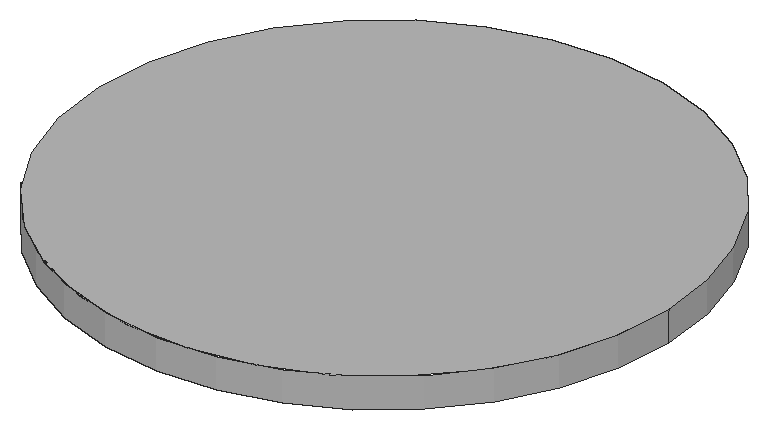
Revit family "1", category Plumbing Fixtures, Revit 2018
Family settings
  Round Connector Dimension = Use Diameter
  Part Type = Normal
  OmniClass Number = 23.31.13.00
  OmniClass Title = Sinks
  Work Plane-Based = Yes
  Always vertical = No
  Cut with Voids When Loaded = No
  Shared = No
  Room Calculation Point = No
Parameters (values of type "00 - White Alpin")
  Youtube clip = "http://pro.duravit.com/p/034960"
  Uniformat II Description = "Plumbing Fixtures"
  Uniformat II Code = "D2010"
  Uniclass 2015 Name = "Wash basins, sinks and troughs"
  Uniclass 2015 Code = "Pr_40_20_96"
  URL = "https://www.duravit.com/"
  UNSPSC Code = "30181504"
  Technical description = "http://pro.duravit.com/p/034960"
  Secondary material = Duravit - Metal - 10 - Chrome
  Region South America = "AR, BO, BR, CL, CO, EC, FK, GF, GY, PE, PY, SR, UY, VE"  # constant formula
  Region Oceania = "AS, AU, CK, FJ, FM, GU, KI, MH, MP, NC, NF, NR, NU, NZ, PF, PG, PN, PW, SB, TK, TL, TO, TV, UM, WF, WS, VU"  # constant formula
  Region North America = "AG, AI, AW, BB, BL, BM, BQ, BS, BZ, CA, CR, CU, CW, DM, DO, GD, GL, GP, GT, HN, HT, JM, KN, KY, LC, MF, MQ, MS, MX, NI, PA, PM, PR, SV, SX, TC, TT, US, VC, VG, VI"  # constant formula
  Region Middle East = "AE, AF, BH, EG, IL, IQ, IR, JO, KW, LB, OM, PS, QA, SA, SY, TR, YE"  # constant formula
  Region Europe = "AD, AL, AT, AX, BA, BE, BG, BY, CH, CY, CZ, DE, DK, EE, ES, FI, FO, FR, GB, GG, GI, GR, HR, HU, IE, IM, IS, IT, JE, LI, LT, LU, LV, MC, MD, ME, MK, MT, NL, NO, PL, PT, RO, RS, RU, SE, SI, SJ, SK, SM, UA, VA"  # constant formula
  Region Asia = "AM, AZ, BD, BN, BT, CC, CN, CX, GE, HK, ID, IN, IO, JP, KG, KH, KP, KR, KZ, LA, LK, MM, MN, MO, MV, MY, NP, PH, PK, SG, TH, TJ, TM, TW, UZ, VN"  # constant formula
  Region Antarctica = "AQ, BV, GS, HM, TF"  # constant formula
  Region Africa = "AO, BF, BI, BJ, BW, CD, CF, CG, CI, CM, CV, DJ, DZ, EH, ER, ET, GA, GH, GM, GN, GQ, GW, KE, KM, LR, LS, LY, MA, MG, ML, MR, MU, MW, MZ, NA, NE, NG, RE, RW, SC, SD, SH, SL, SN, SO, SS, ST, SZ, TD, TG, TN, TZ, UG, YT, ZA, ZM, ZW"  # constant formula
  QR code = "http://bimobject.com/duravit/product/DuraStyle-Washbowl-600-mm-034960"
  Product url = "http://pro.duravit.com/p/034960"
  Product name = "DuraStyle Washbowl 600 mm - 034960"
  Product group = "Washbowl"
  Product family = "DuraStyle"
  Product data url = "https://bimobject.com/duravit/product/DuraStyle-Washbowl-600-mm-034960"
  Product certification = "http://pro.duravit.com/p/034960"
  Product SKU = "DuraStyle-Washbowl-600-mm-034960"
  Product Guid = "eb7557a1-61f7-4b1b-ad8f-54d8012408a8"
  Outlet Diameter = 32 mm  # constant formula
  OmniClass Description = "Sinks"
  OmniClass Code = "23-31 13 00"
  Model = "DuraStyle Washbowl 600 mm - 034960"  # constant formula
  Material main = "Ceramics"
  Masterformat 2014 Description = "Residential Lavatories"
  Masterformat 2014 Code = "22 41 16.13"
  Manufacturer name = "DURAVIT AG"
  Manufacturer = "Duravit"  # constant formula
  Main material = Duravit - Ceramic - 00 - White Alpin
  Installation instructions = "https://duravit-public-assets.s3.eu-central-1.amazonaws.com/3/8/Duravit_MI_38420.pdf"
  IFC Classification = "Sanitary Terminal"
  Edition number = 1
  ETIM classification = "EC011550 | Washbasin"  # constant formula
  Design country = "Germany"
  Description = "Duravit DuraStyle Washbowl 600 mm White High Gloss - 0349600000"
  Default Elevation = 1219.200 mm
  Connector Description = "Water outlet"  # constant formula
  Brand url = "http://www.duravit.com"
  BIMobject main category code = "sanitary"
  BIMobject main category = "Sanitary"
  BIMobject category code = "wash-basins"
  BIMobject category = "Wash basins"
Types (2, lengths in mm): name | Main material | Description
  00 - White Alpin WonderGliss | Duravit - Ceramic - 00 - White Alpin WonderGliss | "Duravit DuraStyle Washbowl 600 mm White High Gloss, WonderGliss - 03496000001"
  00 - White Alpin | Duravit - Ceramic - 00 - White Alpin | "Duravit DuraStyle Washbowl 600 mm White High Gloss - 0349600000"
Reference planes
  plane 1 "Center (Front/Back)": y = 0
  plane 2: z = 0
  plane 3 "Center (Left/Right)": x = 0
Forms (mm)
  Extrusion 1, solid, material "Duravit - Metal - 10 - Chrome" <- "Secondary material"
    sketch origin (0, 0, 0) x (1, 0, 0) y (0, 1, 0)
      loop
        circle (0, 0) r 36.854
    from 20.122 to 24.031
Dimensions and locks
  aligned and locked: plane 2 to level
Nested families
  nested 1: "2D_NotScalableMain_40a38983-e00b-4bb3-9768-a9f40b98973c" at (0, 0, 0), type "Default"
    with BOS_4_Visibility yes, BOS_3_Visibility yes
Connectors
  piping at (0, 0, 0), diameter 32, driven by "Outlet Diameter", driven by "Connector Description"
    settings: on free form element, index 1, connector inside diameter 609.6 mm, connector length 0.000 mm, flow factor 0, pipe flow 0.0 L/s, pressure drop 0.0 Pa, fitting loss kfactor 0, connector angle 0.00°, fixture units 0, engagement length 0.000 mm, angle of deflection 0.00°, flow configuration 0, flow direction 2, fitting loss method 0, system type 16, joint type 0, gender type 0, connector reference index -1, connector utility 0, adjustable connector no, is connector primary yes, connector description "Water outlet"
Definition of nested family "2D_NotScalableMain_40a38983-e00b-4bb3-9768-a9f40b98973c"
  Parameters (values of type "Default")
    BOS_4_Visibility [instance] = no
    BOS_3_Visibility [instance] = no
  Reference planes
    plane 1 "Center (Front/Back)": y = 0
    plane 2: z = 0
    plane 3 "Center (Left/Right)": x = 0
  Lines and regions (mm)
    Masking region 1, in view "Ref. Level", visible <- "BOS_4_Visibility"
      outline origin (0, 0, 0) x (1, 0, 0) y (0, 1, 0)
        loop
          line (-189.886, -189.751) -> (189.886, -189.751)
          arc (189.886, -189.751) -> (211.37, -187.655) -> (232.045, -181.446) r 111.157
          arc (232.045, -181.446) -> (251.1, -171.328) -> (267.791, -157.656) r 109.038
          arc (267.791, -157.656) -> (281.462, -140.966) -> (291.58, -121.911) r 109.038
          arc (291.58, -121.911) -> (297.789, -101.236) -> (299.886, -79.751) r 111.157
          line (299.886, -79.751) -> (299.886, 79.751)
          arc (299.886, 79.751) -> (297.937, 100.09) -> (292.163, 119.69) r 107.136
          arc (292.163, 119.69) -> (282.889, 137.944) -> (270.561, 154.291) r 116.413
          arc (270.561, 154.291) -> (262.916, 161.964) -> (254.553, 168.848) r 109.886
          arc (254.553, 168.848) -> (245.541, 174.851) -> (235.958, 179.891) r 104.721
          arc (235.958, 179.891) -> (224.925, 184.243) -> (213.47, 187.319) r 104.6
          arc (213.47, 187.319) -> (201.74, 189.142) -> (189.886, 189.751) r 115.542
          line (189.886, 189.751) -> (56.065, 189.751) -> (-56.065, 189.751) -> (-189.886, 189.751)
          arc (-189.886, 189.751) -> (-201.74, 189.142) -> (-213.47, 187.319) r 115.542
          arc (-213.47, 187.319) -> (-224.925, 184.243) -> (-235.958, 179.891) r 104.6
          arc (-235.958, 179.891) -> (-245.541, 174.851) -> (-254.553, 168.848) r 104.721
          arc (-254.553, 168.848) -> (-262.916, 161.964) -> (-270.561, 154.291) r 109.886
          arc (-270.561, 154.291) -> (-282.889, 137.944) -> (-292.163, 119.69) r 116.413
          arc (-292.163, 119.69) -> (-297.937, 100.09) -> (-299.886, 79.751) r 107.136
          line (-299.886, 79.751) -> (-299.886, -79.751)
          arc (-299.886, -79.751) -> (-297.789, -101.236) -> (-291.58, -121.911) r 111.157
          arc (-291.58, -121.911) -> (-281.462, -140.966) -> (-267.791, -157.656) r 109.038
          arc (-267.791, -157.656) -> (-251.1, -171.328) -> (-232.045, -181.446) r 109.038
          arc (-232.045, -181.446) -> (-211.37, -187.655) -> (-189.886, -189.751) r 111.157
    reference lines, in view "Ref. Level"
      curve 1: line (0, 0, 0) -> (0, 3.175, 0)
      curve 2: line (0, 0, 0) -> (3.175, 0, 0)
    detail lines, in view "Ref. Level", visible <- "BOS_3_Visibility", detail levels fine
      curve 3: arc (37.528, 0, 0) -> (36.807, -7.321, 0) -> (34.671, -14.361, 0) r 37.526
      curve 4: arc (34.671, -14.361, 0) -> (31.203, -20.849, 0) -> (26.536, -26.536, 0) r 37.525
      curve 5: arc (26.536, -26.536, 0) -> (20.849, -31.203, 0) -> (14.361, -34.67, 0) r 37.53
      curve 6: arc (14.361, -34.67, 0) -> (7.321, -36.806, 0) -> (0, -37.527, 0) r 37.529
      curve 7: arc (0, -37.527, 0) -> (-7.321, -36.806, 0) -> (-14.361, -34.67, 0) r 37.528
      curve 8: arc (-14.361, -34.67, 0) -> (-20.849, -31.203, 0) -> (-26.536, -26.536, 0) r 37.529
      curve 9: arc (-26.536, -26.536, 0) -> (-31.203, -20.849, 0) -> (-34.671, -14.361, 0) r 37.526
      curve 10: arc (-34.671, -14.361, 0) -> (-36.807, -7.321, 0) -> (-37.528, 0, 0) r 37.527
      curve 11: arc (-37.528, 0, 0) -> (-36.807, 7.321, 0) -> (-34.671, 14.361, 0) r 37.526
      curve 12: arc (-34.671, 14.361, 0) -> (-31.203, 20.849, 0) -> (-26.536, 26.536, 0) r 37.525
      curve 13: arc (-26.536, 26.536, 0) -> (-20.849, 31.203, 0) -> (-14.361, 34.67, 0) r 37.53
      curve 14: arc (-14.361, 34.67, 0) -> (-7.321, 36.806, 0) -> (0, 37.527, 0) r 37.528
      curve 15: arc (0, 37.527, 0) -> (7.321, 36.806, 0) -> (14.361, 34.67, 0) r 37.529
      curve 16: arc (14.361, 34.67, 0) -> (20.849, 31.203, 0) -> (26.536, 26.536, 0) r 37.53
      curve 17: arc (26.536, 26.536, 0) -> (31.203, 20.849, 0) -> (34.671, 14.361, 0) r 37.525
      curve 18: arc (34.671, 14.361, 0) -> (36.807, 7.321, 0) -> (37.528, 0, 0) r 37.526
  Dimensions and locks
    curve 1 to curve 1 = 3.175 mm
    curve 2 to curve 2 = 3.175 mm
    aligned and locked: plane 1 "Center (Front/Back)" to curve 1
    aligned and locked: plane 3 "Center (Left/Right)" to curve 1
    aligned and locked: plane 1 "Center (Front/Back)" to curve 2
